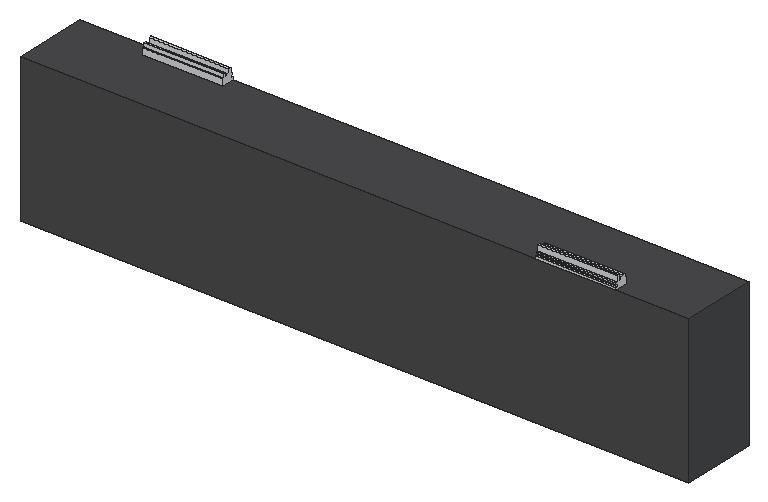
Revit family "DTM15W3.1", category Luminarias, Revit 2019
Family settings
  Cota de conector redondo = Diámetro de uso
  Tipo de pieza = Normal
  Se basa en plano de trabajo = Sí
  Siempre vertical = Sí
  Corte con vacíos al cargar = No
  Origen de luz = Sí
  Compartido = No
  Punto de cálculo de habitación = No
Parameters (values of type "RECTANGULAR DWN RIEL_DTM15W3.1.24")
  Ángulo de inclinación = 60.00°
  Zone [instance] = ""
  Watt per fixture = 15
  Wattage = 15 W
  built-in parameter 1150107 = 3000 (stored number, unit not read)
  built-in parameter 1150110 = 1 (stored number, unit not read)
  built-in parameter 1150109 = 1 (stored number, unit not read)
  built-in parameter 1150112 = 1 (stored number, unit not read)
  built-in parameter 1150113 = 1 (stored number, unit not read)
  built-in parameter 1114218 = 1 (stored number, unit not read)
  Keynote = ""
  built-in parameter 1150137 = (empty or 0)
  built-in parameter 1150132 = (empty or 0)
  Modelo = "DTM15W3.1.24"
  Lámpara = "3030SMD PHILIPS"
  built-in parameter 1150105 = 102.65 (stored number, unit not read)
  built-in parameter 1150102 = (empty or 0)
  built-in parameter 1150106 = 1.0265 (stored number, unit not read)
  Lumens = 1290 lm
  Color Filter = 16777215
  built-in parameter 1114217 = 1 (stored number, unit not read)
  built-in parameter 1150139 = (empty or 0)
  Fabricante = "BRILLANT"
  Default Elevation = 1219.2 mm
  built-in parameter 1150104 = 7.9897 (stored number, unit not read)
  Descripción = "LUMINARIA DOWNLIGHT EN FORMATO RECTANGULAR COMPATIBLE CON RIEL DE 6 ENTRADAS Y 3 CIRCUITOS, CUERPO DE ALUMINIO ACABADO EN COLOR NEGRO, IP 20, PESO 0.78Kg, TIPO DE LED 3030SMD PHILIPS CON 15W TOTAL, 1300 LUMENES, 86LM/W, IRC 90, TEMPERATURA EN BLANCO CALIDO 3000K, 50 MIL HORAS DE VIDA PROMEDIO, APERTURA DE 24 GRADOS EN STOCK, ALIMENTADO A 90-240V"
  built-in parameter 1150115 = 1 (stored number, unit not read)
  built-in parameter 1150114 = 1 (stored number, unit not read)
  Comentarios de vataje = "90-240V"
  built-in parameter 1150138 = (empty or 0)
  built-in parameter 1150134 = (empty or 0)
  Circuit [instance] = ""
  Dimming Lamp Color Temperature Shift = (empty or 0)
  Archivo de red fotométrica = "L328A-15W-830-B-24_IESNA95.IES"
  built-in parameter 1150133 = 10 (stored number, unit not read)
Reference planes
  plane 1 "Centro (Frontal/Posterior)": y = 0
  plane 2: z = 0
  plane 3 "Centro (Izquierda/Derecha)": x = 0
Forms (mm)
  Extrusion 1, solid, material "Default Form"
    sketch origin (0, 0, 0) x (1, 0, 0) y (0, 0, 1)
      loop
        line (-164, 0) -> (-164, -72) -> (164, -72) -> (164, 0) -> (-164, 0)
    from -18.326 to 18.326
  Extrusion 2, solid
    sketch origin (0, 0, 3.217) x (0, 1, 0) y (0, 0, 1)
      loop
        line (-12.149, -3.217) -> (-12.149, 0) -> (-12.935, 0) -> (-12.935, 1.637) -> (-13.796, 1.637) -> (-13.796, 0) -> (-14.582, 0) -> (-14.582, 0.811) -> (-15.443, 0.811) -> (-15.443, 0) -> (-16.233, 0) -> (-16.233, 2.691) -> (-17.279, 2.691) -> (-17.279, 0) -> (-18.061, 0) -> (-18.061, -0.861) -> (-17.162, -0.861) -> (-17.162, -2.042) -> (-18.326, -2.042) -> (-18.326, -3.217) -> (-12.149, -3.217)
    from 89.098 to 128.24
  Blend 3, void
    base sketch origin (0, 0, 0) x (1, 0, 0) y (0, 1, 0)
      loop
        line (-162, 16.149) -> (-162, -16.149) -> (-144.14, -16.149) -> (-144.14, 16.149) -> (-162, 16.149)
    top sketch origin (0, 0, 0) x (1, 0, 0) y (0, 1, 0)
      loop
        line (-160, 12.149) -> (-160, -12.149) -> (-146.14, -12.149) -> (-146.14, 12.149) -> (-160, 12.149)
    from -72 to -61.591
  Blend 4, void
    base sketch origin (21.86, 0, 0) x (1, 0, 0) y (0, 1, 0)
      loop
        line (-162, 16.149) -> (-162, -16.149) -> (-144.14, -16.149) -> (-144.14, 16.149) -> (-162, 16.149)
    top sketch origin (21.86, 0, 0) x (1, 0, 0) y (0, 1, 0)
      loop
        line (-160, 12.149) -> (-160, -12.149) -> (-146.14, -12.149) -> (-146.14, 12.149) -> (-160, 12.149)
    from -72 to -61.591
  Blend 5, void
    base sketch origin (43.72, 0, 0) x (1, 0, 0) y (0, 1, 0)
      loop
        line (-162, 16.149) -> (-162, -16.149) -> (-144.14, -16.149) -> (-144.14, 16.149) -> (-162, 16.149)
    top sketch origin (43.72, 0, 0) x (1, 0, 0) y (0, 1, 0)
      loop
        line (-160, 12.149) -> (-160, -12.149) -> (-146.14, -12.149) -> (-146.14, 12.149) -> (-160, 12.149)
    from -72 to -61.591
  Blend 6, void
    base sketch origin (65.58, 0, 0) x (1, 0, 0) y (0, 1, 0)
      loop
        line (-162, 16.149) -> (-162, -16.149) -> (-144.14, -16.149) -> (-144.14, 16.149) -> (-162, 16.149)
    top sketch origin (65.58, 0, 0) x (1, 0, 0) y (0, 1, 0)
      loop
        line (-160, 12.149) -> (-160, -12.149) -> (-146.14, -12.149) -> (-146.14, 12.149) -> (-160, 12.149)
    from -72 to -61.591
  Blend 7, void
    base sketch origin (87.44, 0, 0) x (1, 0, 0) y (0, 1, 0)
      loop
        line (-162, 16.149) -> (-162, -16.149) -> (-144.14, -16.149) -> (-144.14, 16.149) -> (-162, 16.149)
    top sketch origin (87.44, 0, 0) x (1, 0, 0) y (0, 1, 0)
      loop
        line (-160, 12.149) -> (-160, -12.149) -> (-146.14, -12.149) -> (-146.14, 12.149) -> (-160, 12.149)
    from -72 to -61.591
  Blend 8, void
    base sketch origin (109.3, 0, 0) x (1, 0, 0) y (0, 1, 0)
      loop
        line (-162, 16.149) -> (-162, -16.149) -> (-144.14, -16.149) -> (-144.14, 16.149) -> (-162, 16.149)
    top sketch origin (109.3, 0, 0) x (1, 0, 0) y (0, 1, 0)
      loop
        line (-160, 12.149) -> (-160, -12.149) -> (-146.14, -12.149) -> (-146.14, 12.149) -> (-160, 12.149)
    from -72 to -61.591
  Blend 9, void
    base sketch origin (131.16, 0, 0) x (1, 0, 0) y (0, 1, 0)
      loop
        line (-162, 16.149) -> (-162, -16.149) -> (-144.14, -16.149) -> (-144.14, 16.149) -> (-162, 16.149)
    top sketch origin (131.16, 0, 0) x (1, 0, 0) y (0, 1, 0)
      loop
        line (-160, 12.149) -> (-160, -12.149) -> (-146.14, -12.149) -> (-146.14, 12.149) -> (-160, 12.149)
    from -72 to -61.591
  Blend 10, void
    base sketch origin (153.02, 0, 0) x (1, 0, 0) y (0, 1, 0)
      loop
        line (-162, 16.149) -> (-162, -16.149) -> (-144.14, -16.149) -> (-144.14, 16.149) -> (-162, 16.149)
    top sketch origin (153.02, 0, 0) x (1, 0, 0) y (0, 1, 0)
      loop
        line (-160, 12.149) -> (-160, -12.149) -> (-146.14, -12.149) -> (-146.14, 12.149) -> (-160, 12.149)
    from -72 to -61.591
  Blend 11, void
    base sketch origin (174.88, 0, 0) x (1, 0, 0) y (0, 1, 0)
      loop
        line (-162, 16.149) -> (-162, -16.149) -> (-144.14, -16.149) -> (-144.14, 16.149) -> (-162, 16.149)
    top sketch origin (174.88, 0, 0) x (1, 0, 0) y (0, 1, 0)
      loop
        line (-160, 12.149) -> (-160, -12.149) -> (-146.14, -12.149) -> (-146.14, 12.149) -> (-160, 12.149)
    from -72 to -61.591
  Blend 12, void
    base sketch origin (196.74, 0, 0) x (1, 0, 0) y (0, 1, 0)
      loop
        line (-162, 16.149) -> (-162, -16.149) -> (-144.14, -16.149) -> (-144.14, 16.149) -> (-162, 16.149)
    top sketch origin (196.74, 0, 0) x (1, 0, 0) y (0, 1, 0)
      loop
        line (-160, 12.149) -> (-160, -12.149) -> (-146.14, -12.149) -> (-146.14, 12.149) -> (-160, 12.149)
    from -72 to -61.591
  Blend 13, void
    base sketch origin (218.6, 0, 0) x (1, 0, 0) y (0, 1, 0)
      loop
        line (-162, 16.149) -> (-162, -16.149) -> (-144.14, -16.149) -> (-144.14, 16.149) -> (-162, 16.149)
    top sketch origin (218.6, 0, 0) x (1, 0, 0) y (0, 1, 0)
      loop
        line (-160, 12.149) -> (-160, -12.149) -> (-146.14, -12.149) -> (-146.14, 12.149) -> (-160, 12.149)
    from -72 to -61.591
  Blend 14, void
    base sketch origin (240.46, 0, 0) x (1, 0, 0) y (0, 1, 0)
      loop
        line (-162, 16.149) -> (-162, -16.149) -> (-144.14, -16.149) -> (-144.14, 16.149) -> (-162, 16.149)
    top sketch origin (240.46, 0, 0) x (1, 0, 0) y (0, 1, 0)
      loop
        line (-160, 12.149) -> (-160, -12.149) -> (-146.14, -12.149) -> (-146.14, 12.149) -> (-160, 12.149)
    from -72 to -61.591
  Blend 15, void
    base sketch origin (262.32, 0, 0) x (1, 0, 0) y (0, 1, 0)
      loop
        line (-162, 16.149) -> (-162, -16.149) -> (-144.14, -16.149) -> (-144.14, 16.149) -> (-162, 16.149)
    top sketch origin (262.32, 0, 0) x (1, 0, 0) y (0, 1, 0)
      loop
        line (-160, 12.149) -> (-160, -12.149) -> (-146.14, -12.149) -> (-146.14, 12.149) -> (-160, 12.149)
    from -72 to -61.591
  Blend 16, void
    base sketch origin (284.18, 0, 0) x (1, 0, 0) y (0, 1, 0)
      loop
        line (-162, 16.149) -> (-162, -16.149) -> (-144.14, -16.149) -> (-144.14, 16.149) -> (-162, 16.149)
    top sketch origin (284.18, 0, 0) x (1, 0, 0) y (0, 1, 0)
      loop
        line (-160, 12.149) -> (-160, -12.149) -> (-146.14, -12.149) -> (-146.14, 12.149) -> (-160, 12.149)
    from -72 to -61.591
  Blend 17, void
    base sketch origin (306.04, 0, 0) x (1, 0, 0) y (0, 1, 0)
      loop
        line (-162, 16.149) -> (-162, -16.149) -> (-144.14, -16.149) -> (-144.14, 16.149) -> (-162, 16.149)
    top sketch origin (306.04, 0, 0) x (1, 0, 0) y (0, 1, 0)
      loop
        line (-160, 12.149) -> (-160, -12.149) -> (-146.14, -12.149) -> (-146.14, 12.149) -> (-160, 12.149)
    from -72 to -61.591
  Extrusion 18, solid
    sketch origin (0, 0, 3.217) x (0, -1, 0) y (0, 0, 1)
      loop
        line (-12.149, -3.217) -> (-12.149, 0) -> (-12.935, 0) -> (-12.935, 1.637) -> (-13.796, 1.637) -> (-13.796, 0) -> (-14.582, 0) -> (-14.582, 0.811) -> (-15.443, 0.811) -> (-15.443, 0) -> (-16.233, 0) -> (-16.233, 2.691) -> (-17.279, 2.691) -> (-17.279, 0) -> (-18.061, 0) -> (-18.061, -0.861) -> (-17.162, -0.861) -> (-17.162, -2.042) -> (-18.326, -2.042) -> (-18.326, -3.217) -> (-12.149, -3.217)
    from 89.098 to 128.24
Cuts and joins
  Blend 3, Blend 4, Blend 5, Blend 6, Blend 7, Blend 8, Blend 9, Blend 10, Blend 11, Blend 12, Blend 13, Blend 14, Blend 15, Blend 16, Blend 17 cuts Extrusion 1
Dimensions and locks
  equal spacing: Extrusion 1, plane 1 "Centro (Frontal/Posterior)", Extrusion 1
  Extrusion 1 to plane 1 "Centro (Frontal/Posterior)" = 18.326 mm
  Extrusion 1 to Extrusion 1 = 36.651 mm
  Extrusion 1 to Extrusion 1 = 72 mm
  Extrusion 1 to Extrusion 1 = 328 mm
  equal spacing: group 1, group 2, group 3, group 4, group 5, group 6, group 7, group 8, group 9, group 10, group 11, group 12, group 13, group 14  (x3)
  cut or joined group 1 (Extrusion 1, Blend 3, Blend 4, Blend 5, Blend 6, Blend 7, Blend 8, Blend 9, Blend 10, Blend 11, Blend 12, Blend 13, Blend 14, Blend 15, Blend 16, Blend 17) to cut or joined group 1 = 72 mm
  cut or joined group 1 to cut or joined group 1 = 36.651 mm
  cut or joined group 1 to cut or joined group 1 = 328 mm
  equal spacing: cut or joined group 1, plane 1 "Centro (Frontal/Posterior)", cut or joined group 1
  aligned and locked: level to plane 2
Automatic sketch dimensions
  Blend 4 sketch curve to Blend 4 sketch curve = 17.86 mm
  Blend 4 sketch curve to Blend 4 sketch curve = 13.86 mm
  Blend 4 sketch curve to Blend 4 sketch curve = 32.298 mm
  Blend 4 sketch curve to Blend 4 sketch curve = 24.298 mm
  Blend 5 sketch curve to Blend 5 sketch curve = 17.86 mm
  Blend 5 sketch curve to Blend 5 sketch curve = 13.86 mm
  Blend 5 sketch curve to Blend 5 sketch curve = 32.298 mm
  Blend 5 sketch curve to Blend 5 sketch curve = 24.298 mm
  Blend 6 sketch curve to Blend 6 sketch curve = 17.86 mm
  Blend 6 sketch curve to Blend 6 sketch curve = 13.86 mm
  Blend 6 sketch curve to Blend 6 sketch curve = 32.298 mm
  Blend 6 sketch curve to Blend 6 sketch curve = 24.298 mm
  Blend 7 sketch curve to Blend 7 sketch curve = 17.86 mm
  Blend 7 sketch curve to Blend 7 sketch curve = 13.86 mm
  Blend 7 sketch curve to Blend 7 sketch curve = 32.298 mm
  Blend 7 sketch curve to Blend 7 sketch curve = 24.298 mm
  Blend 8 sketch curve to Blend 8 sketch curve = 17.86 mm
  Blend 8 sketch curve to Blend 8 sketch curve = 13.86 mm
  Blend 8 sketch curve to Blend 8 sketch curve = 32.298 mm
  Blend 8 sketch curve to Blend 8 sketch curve = 24.298 mm
  Blend 9 sketch curve to Blend 9 sketch curve = 17.86 mm
  Blend 9 sketch curve to Blend 9 sketch curve = 13.86 mm
  Blend 9 sketch curve to Blend 9 sketch curve = 32.298 mm
  Blend 9 sketch curve to Blend 9 sketch curve = 24.298 mm
  Blend 10 sketch curve to Blend 10 sketch curve = 17.86 mm
  Blend 10 sketch curve to Blend 10 sketch curve = 13.86 mm
  Blend 10 sketch curve to Blend 10 sketch curve = 32.298 mm
  Blend 10 sketch curve to Blend 10 sketch curve = 24.298 mm
  Blend 11 sketch curve to Blend 11 sketch curve = 17.86 mm
  Blend 11 sketch curve to Blend 11 sketch curve = 13.86 mm
  Blend 11 sketch curve to Blend 11 sketch curve = 32.298 mm
  Blend 11 sketch curve to Blend 11 sketch curve = 24.298 mm
  Blend 12 sketch curve to Blend 12 sketch curve = 17.86 mm
  Blend 12 sketch curve to Blend 12 sketch curve = 13.86 mm
  Blend 12 sketch curve to Blend 12 sketch curve = 32.298 mm
  Blend 12 sketch curve to Blend 12 sketch curve = 24.298 mm
  Blend 13 sketch curve to Blend 13 sketch curve = 17.86 mm
  Blend 13 sketch curve to Blend 13 sketch curve = 13.86 mm
  Blend 13 sketch curve to Blend 13 sketch curve = 32.298 mm
  Blend 13 sketch curve to Blend 13 sketch curve = 24.298 mm
  Blend 14 sketch curve to Blend 14 sketch curve = 17.86 mm
  Blend 14 sketch curve to Blend 14 sketch curve = 13.86 mm
  Blend 14 sketch curve to Blend 14 sketch curve = 32.298 mm
  Blend 14 sketch curve to Blend 14 sketch curve = 24.298 mm
  Blend 15 sketch curve to Blend 15 sketch curve = 17.86 mm
  Blend 15 sketch curve to Blend 15 sketch curve = 13.86 mm
  Blend 15 sketch curve to Blend 15 sketch curve = 32.298 mm
  Blend 15 sketch curve to Blend 15 sketch curve = 24.298 mm
  Blend 16 sketch curve to Blend 16 sketch curve = 17.86 mm
  Blend 16 sketch curve to Blend 16 sketch curve = 13.86 mm
  Blend 16 sketch curve to Blend 16 sketch curve = 32.298 mm
  Blend 16 sketch curve to Blend 16 sketch curve = 24.298 mm
  Blend 17 sketch curve to Blend 17 sketch curve = 17.86 mm
  Blend 17 sketch curve to Blend 17 sketch curve = 13.86 mm
  Blend 17 sketch curve to Blend 17 sketch curve = 32.298 mm
  Blend 17 sketch curve to Blend 17 sketch curve = 24.298 mm
  Extrusion 1 sketch curve to level = 0 mm
  Extrusion 1 sketch curve to level = 72 mm
  Extrusion 1 sketch curve to plane 3 "Centro (Izquierda/Derecha)" = 164 mm
  plane 3 "Centro (Izquierda/Derecha)" to Extrusion 1 sketch curve = 164 mm
  Blend 3 sketch curve to plane 1 "Centro (Frontal/Posterior)" = 16.149 mm
  Blend 3 sketch curve to plane 3 "Centro (Izquierda/Derecha)" = 162 mm
  Blend 3 sketch curve to Blend 3 sketch curve = 17.86 mm
  plane 1 "Centro (Frontal/Posterior)" to Blend 3 sketch curve = 16.149 mm
  Blend 3 sketch curve to plane 1 "Centro (Frontal/Posterior)" = 12.149 mm
  Blend 3 sketch curve to plane 3 "Centro (Izquierda/Derecha)" = 160 mm
  Blend 3 sketch curve to Blend 3 sketch curve = 13.86 mm
  plane 1 "Centro (Frontal/Posterior)" to Blend 3 sketch curve = 12.149 mm
  Extrusion 18 sketch curve to level = 0 mm
  level to Extrusion 18 sketch curve = 1.175 mm
  Extrusion 18 sketch curve to plane 1 "Centro (Frontal/Posterior)" = 18.326 mm
  Extrusion 18 sketch curve to Extrusion 18 sketch curve = 0.265 mm
  Extrusion 18 sketch curve to Extrusion 18 sketch curve = 0.782 mm
  Extrusion 18 sketch curve to Extrusion 18 sketch curve = 1.164 mm
  Extrusion 18 sketch curve to Extrusion 18 sketch curve = 1.046 mm
  Extrusion 18 sketch curve to Extrusion 18 sketch curve = 0.789 mm
  Extrusion 18 sketch curve to Extrusion 18 sketch curve = 0.861 mm  (x3)
  Extrusion 18 sketch curve to Extrusion 18 sketch curve = 0.786 mm
  Extrusion 18 sketch curve to Extrusion 18 sketch curve = 0.785 mm
  Extrusion 18 sketch curve to Extrusion 18 sketch curve = 1.181 mm
  level to Extrusion 18 sketch curve = 3.217 mm
  Extrusion 18 sketch curve to Extrusion 18 sketch curve = 0 mm  (x2)
  Extrusion 18 sketch curve to Extrusion 18 sketch curve = 0.811 mm
  Extrusion 18 sketch curve to Extrusion 18 sketch curve = 0.826 mm
  Extrusion 18 sketch curve to Extrusion 18 sketch curve = 1.88 mm
  Extrusion 2 sketch curve to level = 0 mm
  level to Extrusion 2 sketch curve = 1.175 mm
  plane 1 "Centro (Frontal/Posterior)" to Extrusion 2 sketch curve = 18.326 mm
  Extrusion 2 sketch curve to Extrusion 2 sketch curve = 0.265 mm
  Extrusion 2 sketch curve to Extrusion 2 sketch curve = 0.782 mm
  Extrusion 2 sketch curve to Extrusion 2 sketch curve = 0.117 mm
  Extrusion 2 sketch curve to Extrusion 2 sketch curve = 1.046 mm
  Extrusion 2 sketch curve to Extrusion 2 sketch curve = 0.789 mm
  Extrusion 2 sketch curve to Extrusion 2 sketch curve = 0.861 mm  (x3)
  Extrusion 2 sketch curve to Extrusion 2 sketch curve = 0.786 mm
  Extrusion 2 sketch curve to Extrusion 2 sketch curve = 0.785 mm
  Extrusion 2 sketch curve to Extrusion 2 sketch curve = 1.181 mm
  Extrusion 2 sketch curve to Extrusion 2 sketch curve = 3.217 mm
  Extrusion 2 sketch curve to Extrusion 2 sketch curve = 0 mm  (x2)
  Extrusion 2 sketch curve to Extrusion 2 sketch curve = 0.811 mm
  Extrusion 2 sketch curve to Extrusion 2 sketch curve = 0.826 mm
  Extrusion 2 sketch curve to Extrusion 2 sketch curve = 1.88 mm
Connectors
  electrical at (0, 0, 0)
    settings: on cut or joined group 1, index 1, voltage 240 V, apparent load 0 VA, apparent load phase1 0 VA, apparent load phase2 0 VA, apparent load phase3 0 VA, power factor 1, load classification "Otro", number of poles 1, system type 31, power factor state 1, is connector primary yes, connector utility no, sub classification motor no, connector description ""
